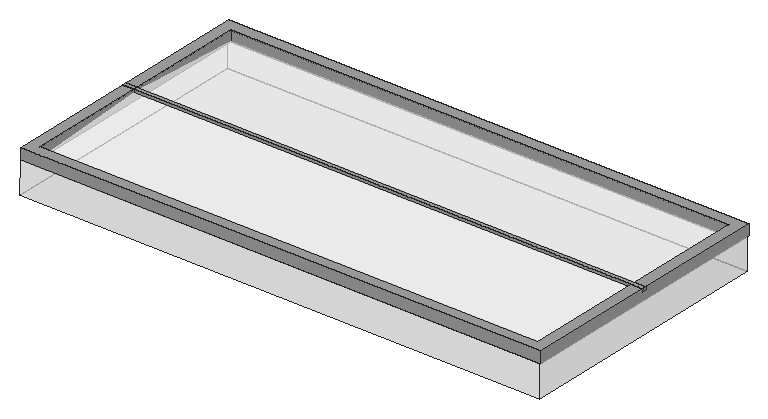
Revit family "VSY12", category Lighting Fixtures, host Face, Revit 2021
Family settings
  Host = Face
  Round Connector Dimension = Use Diameter
  Part Type = Normal
  OmniClass Number = 23.80.70.11
  OmniClass Title = Luminaries for Internal Lighting
  Cut with Voids When Loaded = No
  Light Source = Yes
  Shared = No
  Room Calculation Point = No
Parameters (values of type "VSY12")
  zz Length = Row Length - 1"  # 23"
  Width = 12"
  Wattage = 30 W
  Warranty = "Five-year warranty"  # constant formula
  built-in parameter 1150110 = 1 (stored number, unit not read)
  Voltage = 120 V
  Wattage Comments = "11-33W"  # constant formula
  URL = "https://www.currentlighting.com/columbia"
  built-in parameter 1114217 = 1 (stored number, unit not read)
  Tilt Angle = -90.00°
  built-in parameter 1150109 = 1 (stored number, unit not read)
  built-in parameter 1150134 = 3
  built-in parameter 1150113 = 1 (stored number, unit not read)
  Product Link = ""
  Product Documentation Link = ""
  Photometric Web File = "VSY12-30HLHE-EDU.ies"
  built-in parameter 1150142 = "IESNA:LM-63-1995\r\n[TEST] 23437\r\n[DATE] 6/6/2019\r\n[MANUFAC] COLUMBIA LIGHTING\r\n[LUMCAT] VSY12-30HLHE-EDU\r\n[LUMINAIRE] Versify™ Architectural Edge Lit, Recessed Architectural\r\n[MORE] 1' x 2' Led with acrylic diffuser\r\n[MORE] Data Scaled from Test# 19.00995\r\n[LAMPCAT] Led\r\n[BALLASTCAT] XI040C110V054BST1\r\n[BALLAST] EDU\r\n[_MOUNTING] Recessed\r\n[_BALLASTFACTOR] 1.00\r\n[_SHIELDING_ANGLE_0] 90\r\n[_SHIELDING_ANGLE_90] 90\r\nTILT=NONE\r\n1 -1 1.0 37 5 1 1 0.87 1.91 0.00\r\n1.00 1 26.50\r\n0.00 2.50 5.00 7.50 10.00 12.50 15.00 17.50 20.00 22.50 25.00 27.50 30.00 32.50\r\n35.00 37.50 40.00 42.50 45.00 47.50 50.00 52.50 55.00 57.50 60.00 62.50 65.00\r\n67.50 70.00 72.50 75.00 77.50 80.00 82.50 85.00 87.50 90.00\r\n0.00 22.50 45.00 67.50 90.00\r\n1336 1333 1329 1320 1308 1293 1275 1252 1226 1198 1165 1130 1092 1049 1005 960\r\n913 864 815 766 715 663 612 562 511 461 412 364 317 271 226 182 140 100 62 27 1\r\n1336 1333 1329 1320 1308 1293 1274 1252 1227 1198 1166 1131 1092 1051 1008 962\r\n915 867 817 768 717 665 613 562 511 460 409 359 311 264 218 173 131 90 52 18 0\r\n1336 1334 1330 1321 1309 1295 1277 1256 1231 1204 1173 1140 1102 1063 1020 975\r\n928 880 830 780 727 673 619 566 513 460 408 357 308 260 213 168 125 84 47 15 0\r\n1336 1335 1331 1323 1311 1297 1279 1258 1235 1209 1179 1146 1110 1071 1030 986\r\n939 890 839 787 734 680 625 569 515 461 408 355 305 256 208 162 119 78 39 12 0\r\n1336 1335 1331 1323 1312 1298 1280 1260 1236 1211 1182 1150 1116 1077 1037 993\r\n946 897 846 794 740 686 632 576 521 467 413 360 310 259 211 166 121 80 40 13 0\r\n"
  Model = "VSY12"  # constant formula
  Manufacturer = "Columbia Lighting"  # constant formula
  Row Length = 24"
  built-in parameter 1150105 = 334.23 (stored number, unit not read)
  Lumens = 4200 lm
  built-in parameter 1150115 = 1 (stored number, unit not read)
  Load Classification = Lighting
  built-in parameter 1150137 = (empty or 0)
  built-in parameter 1150139 = (empty or 0)
  built-in parameter 1150112 = 1 (stored number, unit not read)
  built-in parameter 1150114 = 1 (stored number, unit not read)
  Lamp = "LED lamp"  # constant formula
  Light Bulb = White Glass
  built-in parameter 1150132 = (empty or 0)
  built-in parameter 1150102 = (empty or 0)
  built-in parameter 1150107 = 3200 (stored number, unit not read)
  built-in parameter 1150138 = (empty or 0)
  built-in parameter 1150106 = 3.3423 (stored number, unit not read)
  Frame = Paint - Gray Smooth
  Features = "Architectural styling in an edge-lit luminaire\r\n• High efficiency acrylic lens featuring edge lit technology\r\n• Ideal for offices, schools, medical, and public spaces\r\n• Up to 140 lumens per watt\r\n• Stylish controls integration\r\n• 2inch overall depth, 2 1/4inch with emergency battery pack\r\n• Certified UL924 for fixtures with battery or DTS (Dimming Bypass\r\nModule) options"  # constant formula
  Emit from Rectangle Width = Width  # 12"
  Emit from Rectangle Length = Row Length  # 24"
  Emit Shape Visible in Rendering = no
  built-in parameter 1150104 = 13.006 (stored number, unit not read)
  Dimming Lamp Color Temperature Shift = <None>
  Description = "VERSIFY™ 1'X2' ARCHITECTURAL EDGE-LIT"  # constant formula
  Default Elevation = 48"
  Contact us = ""
  Color Filter = 16777215
  Certification = "IC label is standard for recessed products\r\n• All luminaires are built to UL1598 and\r\n2108 standards, and bear appropriate\r\ncCSAus labels\r\n• Damp Location label standard. Emergencyequipped fixtures labeled UL 924\r\n• Adheres to LM79, LM80, and TM21\r\nindustry standards"
  built-in parameter 1114218 = 1 (stored number, unit not read)
  Backbox = White
  built-in parameter 1150133 = 10 (stored number, unit not read)
  Apparent Load = 0 VA
Reference planes (in)
  plane 1 "Center (Front/Back)": y = 0.03999
  plane 2: z = 0
  plane 3 "Center (Left/Right)": x = 1.66944
  plane 4: x = -10.33056
  plane 5: x = 13.66944
  plane 6: z = -2
  plane 7: y = -5.96001
  plane 8: y = 6.03999
  plane 9: z = 0.125
Forms (in)
  Extrusion 1, void
    sketch origin (0, 0.03999, 0) x (1, 0, 0) y (0, 0, 1)
      loop
        line (-10.33056, 0) -> (-10.33056, -2) -> (13.66944, -2) -> (13.66944, 0) -> (-10.33056, 0)
    from -6 to 6
  Sweep 2, solid, material "Paint - Gray Smooth" <- "Frame"
    path origin (0, 0, 0) x (1, 0, 0) y (0, 1, 0)
      loop
        line (-10.33056, 6.03999) -> (-10.33056, -5.96001) -> (13.66944, -5.96001) -> (13.66944, 6.03999) -> (-10.33056, 6.03999)
    profile origin (1.66944, 6.03999, 0) x (0, 1, 0) y (0, 0, 1)
      loop
        line (0, 0) -> (-0.5, 0) -> (-0.5, -0.5) -> (0, -0.5) -> (0, 0)
  Sweep 3, solid, material "Paint - Gray Smooth" <- "Frame"
    path origin (0, 0, 0) x (1, 0, 0) y (0, 1, 0)
      loop
        line (-10.33056, 0.03999) -> (13.66944, 0.03999)
    profile origin (1.66944, 0.03999, 0) x (0, 1, 0) y (0, 0, 1)
      loop
        line (0.10955, 0) -> (-0.09422, 0) -> (-0.09422, -0.13468) -> (0.10955, -0.13468) -> (0.10955, 0)
  Extrusion 4, solid, material "White Glass" <- "Light Bulb"
    sketch origin (1.66944, 0, 0) x (0, 1, 0) y (0, 0, 1)
      loop
        line (6.03999, -2) -> (6.03999, -0.5) -> (0.14954, -0.13468) -> (-0.05423, -0.13468) -> (-5.96001, -0.5) -> (-5.96001, -2) -> (6.03999, -2)
    from -12 to 12
Dimensions and locks (in)
  equal spacing: plane 5, plane 3 "Center (Left/Right)", plane 4
  "Row Length": plane 5 to plane 4
  equal spacing: plane 7, plane 1 "Center (Front/Back)", plane 8
  "Width": plane 7 to plane 8
  plane 9 to plane 2 = 1/8"
  plane 9 to plane 6 = 2 1/8"
  plane 4 to plane 5 = 24"
  aligned and locked: plane 2 to host face
  aligned and locked: level to host face
  aligned and locked: Extrusion 1 sketch curve to level
  aligned and locked: plane 4 to Extrusion 1 sketch curve
  aligned and locked: Extrusion 1 sketch curve to plane 5
  aligned and locked: plane 6 to Extrusion 1 sketch curve
  aligned and locked: Extrusion 1 to plane 8
  aligned and locked: Extrusion 1 to plane 7
  aligned and locked: plane 8 to Sweep 2 sketch curve
  aligned and locked: plane 4 to Sweep 2 sketch curve
  aligned and locked: plane 7 to Sweep 2 sketch curve
  aligned and locked: Sweep 2 sketch curve to plane 5
  aligned and locked: Extrusion 4 to plane 4
  aligned and locked: plane 5 to Sweep 2
Automatic sketch dimensions
  host sketch curve to host sketch curve = 96"  (x2)
  Sweep 2 sketch curve to level = 0"
  Sweep 2 sketch curve to profile plane = 0"
  profile plane to Sweep 2 sketch curve = 1/2"
  Sweep 2 sketch curve to Sweep 2 sketch curve = 1/2"
  plane 1 "Center (Front/Back)" to Sweep 3 sketch curve = 0"
  Sweep 3 sketch curve to plane 4 = 0"
  Sweep 3 sketch curve to plane 5 = 0"
  Sweep 3 sketch curve to level = 0"
  profile plane to Sweep 3 sketch curve = 0.09422"
  Sweep 3 sketch curve to profile plane = 0.10955"
  Sweep 3 sketch curve to level = 0.13468"
  Extrusion 4 sketch curve to plane 7 = 0"
  Extrusion 4 sketch curve to plane 8 = 0"
  Extrusion 4 sketch curve to plane 6 = 0"
  plane 1 "Center (Front/Back)" to Extrusion 4 sketch curve = 0.09422"
  Extrusion 4 sketch curve to plane 1 "Center (Front/Back)" = 0.10955"
  Extrusion 4 sketch curve to level = 1/2"  (x2)
  Extrusion 4 sketch curve to level = 0.13468"
Connectors (in)
  electrical at (1.66944, 0.03999, -0.5)
    settings: on Sweep 2, index 1, voltage 0 V, apparent load 0 VA, apparent load phase1 0 VA, apparent load phase2 0 VA, apparent load phase3 0 VA, power factor 1, load classification "Other", number of poles 1, system type 30, power factor state 1, is connector primary yes, connector utility no, sub classification motor no, connector description "Lighting Connector"
